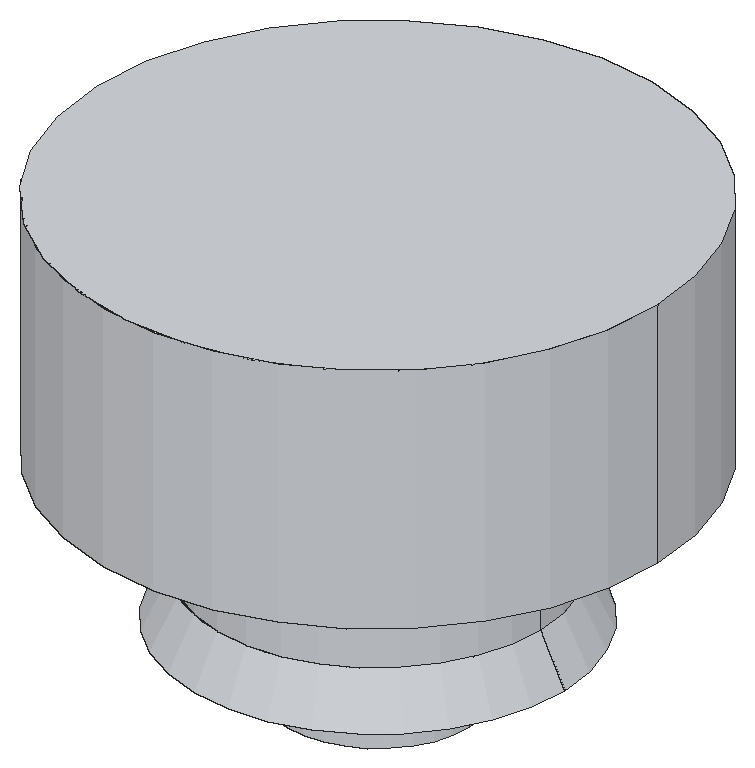
Revit family "MVTK1", category Generic Models, host Face, Revit 2019
Family settings
  Host = Face
  Can host rebar = No
  Round Connector Dimension = Use Diameter
  Part Type = Normal
  Cut with Voids When Loaded = No
  Shared = No
  Room Calculation Point = No
Parameters
  Default Elevation = 48.00"
Reference planes (in)
  plane 1 "Center (Front/Back)": y = 0
  plane 2: z = 0
  plane 3 "Center (Left/Right)": x = 0
Forms (in)
  Extrusion 1, solid
    sketch origin (0, 0, 0) x (1, 0, 0) y (0, 1, 0)
      loop
        circle (0, 0) r 6
    from 3.15 to 8.11
  Extrusion 2, solid
    sketch origin (0, 0, 0) x (1, 0, 0) y (0, 1, 0)
      loop
        circle (0, 0) r 3.5
    from 1 to 3.15
  SweptBlend 3, solid
    path origin (0, 0, 0) x (1, 0, 0) y (0, 0, 1)
      loop
        line (0, 0) -> (0, 1)
    profile origin (0, 0, 0) x (-1, 0, 0) y (0, -1, 0)
      loop
        circle (0, 0) r 4
    end profile origin (0, 0, 1) x (-1, 0, 0) y (0, -1, 0)
      loop
        circle (0, 0) r 3.5
  Extrusion 4, solid
    sketch origin (0, 0, 0) x (1, 0, 0) y (0, 1, 0)
      loop
        circle (0, 0) r 1.96875
    from 0 to -1.41
Lines and regions (in)
  symbolic lines
    curve 1: circle (0, 0, 0) r 0.05674 normal (0, 0, 1)
Dimensions and locks (in)
  aligned and locked: plane 2 to host face
  aligned and locked: level to host face
